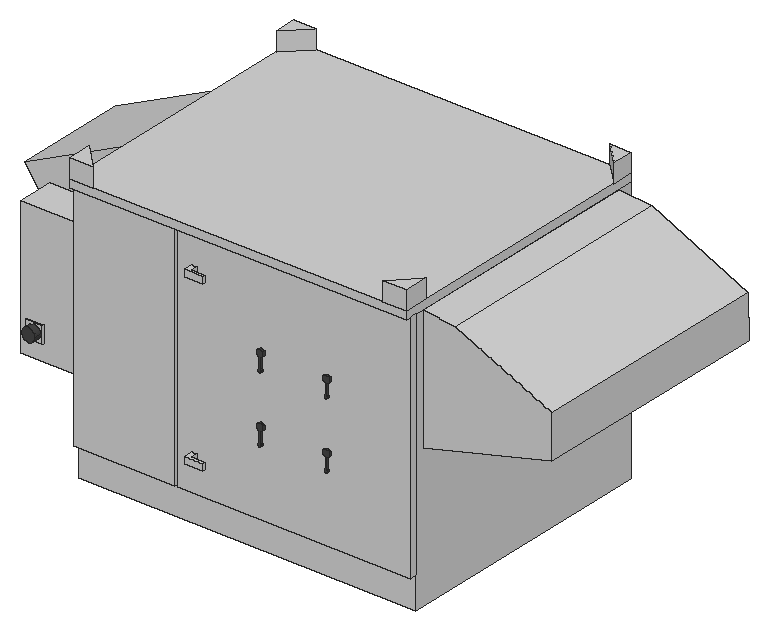
Revit family "Ventilator-RenewAire-Energy-Recovery-HE2XRTR", category Mechanical Equipment, Revit 2015
Parameters (values of type "1.5 HP 120V Single Phase")
  Voltage = "120"
  Ventilation Type = "Static Plate, Heat and Humidity Transfer"
  Unit Width = "43-1/2\""
  Unit Weight = "498-689 lbs., varies by option(s)"
  Unit Length = "87-1/2\""
  Unit Height = "44\""
  Unit = Metal - RenewAire - Anodized - Gray Text
  URL = "www.renewaire.com"
  Typical Airflow Range = "500-2,000 CFM"
  Standard Features = "TEFC Premium efficiency motors, Motor starters, Non-Fused Disconnect, 24VAC Transformer/Relay Package"
  Shipping Weight = "784 lbs."
  Service Area Visibility = no
  Service Area Box = Interference - RenewAire - Smooth - Light - Gold
  Revit Object Download Link = ""
  Phase = "Single"
  Options = "Integrated programmable controls, Fused disconnect, Double wall construction, Factory supplied and mounted variable frequency drives (VFDs) – one or both airstreams, Class 1 low leakage motorized isolation dampers – OA, RA or both airstreams, Qty. 2 Factory mounted filter alarms, Exterior Paint - white, custom colors"
  Optional Motorized Damper - OA = yes
  Optional Motorized Damper - EA = yes
  Number Motors = "Qty. 2, Belt drive blower/motor packages with adjustable sheaves"
  Model = "HE2XRTR"
  Minimum Circuit Amps = "34.2 A"
  Maximum Overcurrent Protection = "45 A"
  Max. Shipping Width = "47\""
  Max. Shipping Length = "96\""
  Max. Shipping Height = "50\""
  Manufacturer = "RenewAire LLC"
  Frequency = "60 HZ"
  FLA per Motor = "15.2"
  Description = "Energy Recovery Ventilator"
  Connector Base Material = Glass - With - Transparency
  Accessories = "Filters - MERV 13, 2\" (shipped loose), Roof curb - standard 14\", Curb wind clip, Engineered combo curb for Carrier RTU, Engineered combo curb for Trane RTU, Digital time clock - wall mount(TC7D-W), in exterior enclosure (TC7D-E), Motion occupancy control - ceiling mount(MC-C),  wall mount(MC-W), Carbon dioxide control - wall mount (CO2-W), duct mount(CO2-D), Electric duct heater – EK series (1-60 KW); designed for indoor ductwork installation only, Indirect gas-fired duct furnace - GH series (50-400 MBH), installed downstream of any fans"
  AHRI 1060 Certified Core = "Two L125-G5"
Types (11): name | Voltage | Phase | Minimum Circuit Amps | Maximum Overcurrent Protection | FLA per Motor
  (no name) | "120" | "Single" | "34.2 A" | "45 A" | "15.2"
  1.5 HP 120V Single Phase | "120" | "Single" | "34.2 A" | "45 A" | "15.2"
  1.5 HP 208-230V Single Phase | "208-230" | "Single" | "18.5 A" | "25 A" | "8.2-7.6"
  1.5 HP 208-230V Three Phase | "208-230" | "Three" | "10.8 A" | "15 A" | "4.6-4.8"
  1.5 HP 460V Three Phase | "460" | "Three" | "5.4 A" | "15 A" | "2.4"
  1.5 HP 575V Three Phase | "575" | "Three" | "4.1 A" | "15 A" | "1.8"
  2.0HP 120V Single Phase | "120" | "Single" | "45 A" | "60 A" | "20.0"
  2.0HP 208-230V Single Phase | "208-230" | "Single" | "24.3 A" | "35 A" | "10.8-10.0"
  2.0HP 208-230V Three Phase | "208-230" | "Three" | "14.9 A" | "20" | "6.6-5.8"
  2.0HP 460V Three Phase | "460" | "Three" | "6.5 A" | "15 A" | "2.9"
  2.0HP 575V Three Phase | "575" | "Three" | "5.4 A" | "15 A" | "2.4"
Reference planes (in)
  plane 1 "Center (Front/Back)": y = 0
  plane 2: z = 0
  plane 3 "Center (Left/Right)": x = 0
  plane 4: z = 23
  plane 5: z = 31.5
  plane 6: z = 25.75
  plane 7: x = -38.5
  plane 8: x = -30.625
  plane 9: x = -42.78125
  plane 10 "RA": x = 25.375
  plane 11 "FA": x = -25.375
  plane 12 "Bottom": z = 4
Forms (in)
  Extrusion 1, solid, material "Metal - RenewAire - Anodized - Gray Text" <- "Unit"
    sketch origin (0, 0, 0) x (1, 0, 0) y (0, 0, 1)
      loop
        line (-25.375, 40) -> (-25.375, 0) -> (25.375, 0) -> (25.375, 40) -> (-25.375, 40)
    from 19.75 to -20.75
  Extrusion 2, solid, material "Metal - RenewAire - Anodized - Gray Text"
    sketch origin (0, 0, 0) x (1, 0, 0) y (0, 0, 1)
      loop
        line (-9.6735, 40) -> (-9.6735, 4.75) -> (25.375, 4.75) -> (25.375, 40) -> (-9.6735, 40)
    from 20.75 to 19.75
  Extrusion 3, solid, material "Metal - RenewAire - Anodized - Gray Text"
    sketch origin (13.514, 0.5, 36.5) x (0, 1, 0) y (-1, 0, 0)
      loop
        line (-21.25, 20.3125) -> (-21.25, 21.0625) -> (-22.625, 21.0625) -> (-22.625, 18.25) -> (-22.25, 18.25) -> (-22.25, 20.3125) -> (-21.25, 20.3125)
    from -26.25 to -27.25
  Extrusion 4, solid, material "Metal - RenewAire - Anodized - Gray Text"
    sketch origin (13.514, 0.5, 34.5) x (0, 1, 0) y (-1, 0, 0)
      loop
        line (-21.25, 20.3125) -> (-21.25, 21.0625) -> (-22.625, 21.0625) -> (-22.625, 18.25) -> (-22.25, 18.25) -> (-22.25, 20.3125) -> (-21.25, 20.3125)
    from 0 to 1
  Extrusion 5, solid, material "Metal - RenewAire - Anodized - Gray Text" <- "Unit"
    sketch origin (0, 0, 5.25) x (0, 1, 0) y (0, 0, 1)
      loop
        line (-12.75, 28) -> (-18.25, 28) -> (-18.25, 7.5) -> (-12.75, 7.5) -> (-12.75, 28)
    from -25.375 to -35.375
  Extrusion 6, solid, material "Metal - RenewAire - Anodized - Gray Text"
    sketch origin (-1, 0, 5.25) x (1, 0, 0) y (0, 0, 1)
      loop
        line (-33.375, 12.5) -> (-33.375, 10) -> (-30.875, 10) -> (-30.875, 12.5) -> (-33.375, 12.5)
    from 18.25 to 18.5
  Extrusion 7, solid, material "MonitorPorts"
    sketch origin (-1, 0, 5.25) x (1, 0, 0) y (0, 0, 1)
      loop
        circle (-32.125, 11.25) r 1
    from 19.5 to 18.5
  Extrusion 8, solid, material "Interference - RenewAire - Smooth - Light - Gold" <- "Service Area Box", visible <- "Service Area Visibility"
    sketch origin (0, 0, 0) x (1, 0, 0) y (0, 0, 1)
      loop
        line (-35.375, 41.1875) -> (-35.375, 0) -> (25.375, 0) -> (25.375, 41.1875) -> (-35.375, 41.1875)
    from 54.4375 to 20.75
  Extrusion 9, solid, material "Metal - RenewAire - Anodized - Gray Text"
    sketch origin (0, 0, 0) x (1, 0, 0) y (0, 0, 1)
      loop
        line (-25.375, 4.75) -> (-10.06284, 4.75) -> (-10.06284, 40) -> (-25.375, 40) -> (-25.375, 4.75)
    from 20.75 to 19.75
  Extrusion 10, solid, material "Metal - RenewAire - Anodized - Gray Text"
    sketch origin (0, 0, 0) x (1, 0, 0) y (0, 1, 0)
      loop
        line (-25.375, 20.75) -> (-25.375, -21.5) -> (25.375, -21.5) -> (25.375, 20.75) -> (-25.375, 20.75)
    from 41.1875 to 40
  Extrusion 11, solid, material "Metal - RenewAire - Anodized - Gray Text"
    sketch origin (-0.1875, 0, 0) x (1, 0, 0) y (0, 0, 1)
      loop
        line (25.5625, 21.375) -> (45.06666, 26.44892) -> (45.06666, 32.86982) -> (30.59449, 39.5) -> (25.5625, 40) -> (25.5625, 21.375)
    from 18.455 to -18.455
  Extrusion 12, solid, material "Metal - RenewAire - Anodized - Gray Text"
    sketch origin (0.125, 0, 0) x (1, 0, 0) y (0, 0, 1)
      loop
        line (-25.5, 40) -> (-42.90625, 31.5) -> (-38.625, 25.75) -> (-30.75, 23) -> (-25.5, 23) -> (-25.5, 40)
    from 8.1875 to -9.0625
  Extrusion 13, void
    sketch origin (0, 0, 0) x (1, 0, 0) y (0, 1, 0)
      loop
        line (-24.875, 20.25) -> (-24.875, -19.25) -> (24.875, -19.25) -> (24.875, 20.25) -> (-24.875, 20.25)
    from 0 to 3.625
  Extrusion 14, solid, material "Metal - RenewAire - Anodized - Gray Text" <- "Unit"
    sketch origin (0, -0.4375, 0) x (1, 0, 0) y (0, 1, 0)
      loop
        line (-25.375, -21.0625) -> (-21.8125, -21.0625) -> (-25.375, -17.5) -> (-25.375, -21.0625)
    from 41.1875 to 44
  Extrusion 15, solid, material "Metal - RenewAire - Anodized - Gray Text" <- "Unit"
    sketch origin (0, -0.4375, 0) x (-1, 0, 0) y (0, -1, 0)
      loop
        line (-25.375, 21.0625) -> (-25.375, 17.5) -> (-21.8125, 21.0625) -> (-25.375, 21.0625)
    from 41.1875 to 44
  Extrusion 16, solid, material "Metal - RenewAire - Anodized - Gray Text" <- "Unit"
    sketch origin (0, 0, 0) x (1, 0, 0) y (0, 1, 0)
      loop
        line (-25.375, 20.75) -> (-25.375, 17.5) -> (-22.125, 20.75) -> (-25.375, 20.75)
    from 41.1875 to 44
  Extrusion 17, solid, material "Metal - RenewAire - Anodized - Gray Text" <- "Unit"
    sketch origin (0, 0, 0) x (-1, 0, 0) y (0, -1, 0)
      loop
        line (-25.375, -20.75) -> (-22.125, -20.75) -> (-25.375, -17.5) -> (-25.375, -20.75)
    from 41.1875 to 44
  Extrusion 18, solid
    sketch origin (0, 0, 0) x (0, 1, 0) y (0, 0, 1)
      loop
        line (13.5, 20.125) -> (-10.5, 20.125) -> (-10.5, 6.125) -> (13.5, 6.125) -> (13.5, 20.125)
      loop
        line (13.25, 19.875) -> (-10.25, 19.875) -> (-10.25, 6.375) -> (13.25, 6.375) -> (13.25, 19.875)
    from -26.375 to -25.375
  Extrusion 19, void
    sketch origin (0, 0, 0) x (1, 0, 0) y (0, 1, 0)
      loop
        line (10.875, 15.875) -> (10.875, -15.125) -> (20.875, -15.125) -> (20.875, 15.875) -> (10.875, 15.875)
    from 2 to 3.75
Cuts and joins
  Extrusion 13, Extrusion 19 cuts Extrusion 1
Dimensions and locks (in)
  aligned and locked: level to plane 2
Nested families (in)
  nested 1: "Monitoring Port" at (12.875, -20.75, 14.739), type "Monitoring Port"
  nested 2: "Monitoring Port" at (12.875, -20.75, 24.739), type "Monitoring Port"
  nested 3: "Monitoring Port" at (2.875, -20.75, 14.739), type "Monitoring Port"
  nested 4: "Monitoring Port" at (2.875, -20.75, 24.739), type "Monitoring Port"
Connectors (in)
  hvac at (-26.375, 1.5, 13.125)
    settings: on Extrusion 18, index 6, duct flow 0 CFM, flow factor 0, pres drop 0.00 in-wg, loss coef 0, conn angle 0.00°, conn width 24", conn height 14", conn diameter 24", duct sys type 1, conn prof type 1, flow config 0, flow direction 2, loss method 0, conn ref index -1, conn util no, is conn primary yes, conn desc "FA (Fresh Air)"
  hvac at (15.875, 0.375, 3.625)
    settings: on cut or joined group of Extrusion 1, Extrusion 13, Extrusion 19, index 7, duct flow 0 CFM, flow factor 0, pres drop 0.00 in-wg, loss coef 0, conn angle 0.00°, conn width 31", conn height 10", conn diameter 24", duct sys type 2, conn prof type 1, flow config 0, flow direction 1, loss method 0, conn ref index -1, conn util no, is conn primary no, conn desc "RA (Return Air)"
Definition of nested family "Monitoring Port"
  Parameters
    URL = "www.renewaire.com"
    Revit Object Download Link = ""
    Model = ""
    Manufacturer = "RenewAire LLC"
    Description = "Monitoring Ports"
  Reference planes (in)
    plane 1 "Center (Front/Back)": y = 0
    plane 2: z = 0
    plane 3 "Center (Left/Right)": x = 0
  Forms (in)
    Extrusion 1, solid
      sketch origin (-9.43348, 0, 37.76669) x (-1, 0, 0) y (0, 0, -1)
        loop
          line (-9.53348, 35.65895) -> (-9.94097, 35.42369) -> (-9.94097, 34.83769) -> (-9.43348, 34.54469) -> (-8.92599, 34.83769) -> (-8.92599, 35.42369) -> (-9.33348, 35.65895) -> (-9.33348, 37.28756)
          arc (-9.33348, 37.28756) -> (-9.43348, 37.76669) -> (-9.53348, 37.28756) r 0.25
          line (-9.53348, 37.28756) -> (-9.53348, 35.65895)
      from 0 to 0.25
  Dimensions and locks (in)
    aligned and locked: level to plane 2
